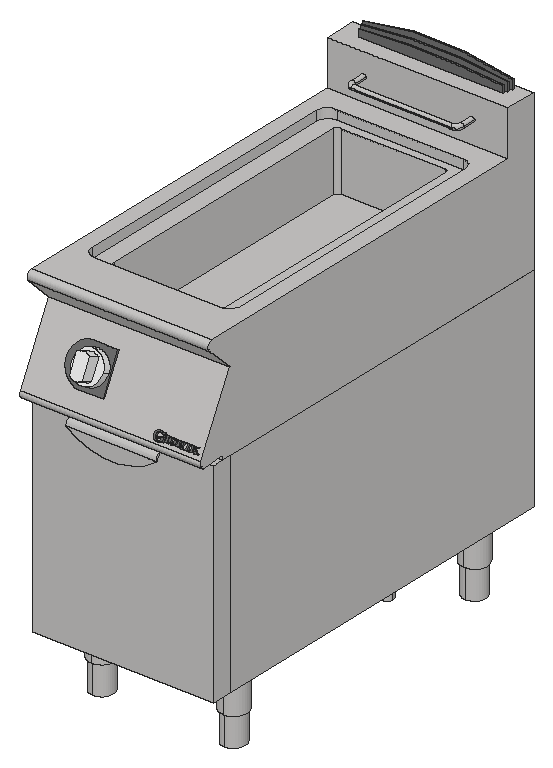
Revit family "QF_GIORIK_FG9117T", category Specialty Equipment, Revit 2014
Parameters (values of type "FG9117T")
  Weight in Pounds = 171.9604
  Watts = 100 W
  Volts = 230 V
  URL Cutsheet = "www.giorik.com"
  URL = "www.giorik.com"
  Status [instance] = ""
  Specification by User [instance] = ""
  Specification by Manufacturer = ""
  Show Logo [instance] = yes
  Show Clearance [instance] = yes
  Serial Number = ""
  Seismic Rating = ""
  SMACNA No = ""
  Revision Code [instance] = ""
  Phase = 1
  Number of Poles [instance] = 1
  NAFEM Spec ID Number = ""
  Model = "FG9117T"
  Min Ckt Ampacity = 0 A
  Mechanical Remarks [instance] = "Natural Gas"
  Mechanical Connection Type [instance] = ""
  Max Overcurrent Protection = 0 A
  Masterspec = ""
  Manufacturer = "GIORIK"
  Item Number [instance] = ""
  Installed By [instance] = ""
  Identify Quantity as Lot [instance] = no
  HP = "0.134102000000"
  Gas Size = 1"
  Gas RI Height [instance] = 0 mm
  Gas KW = 16.5
  Gas Input = 16500 W
  Gas Connection Height [instance] = 150 mm
  Furnished By [instance] = ""
  Foodservice Equipment Identifier [instance] = yes
  FL Amps = 0 A
  Electrical Remarks [instance] = ""
  Electric Connection Type [instance] = ""
  Elec Conn RI Height [instance] = 0 mm
  Elec Conn Connection Height [instance] = 150 mm
  Description = "17 LITRE GAS FRYER."
  Cycle = 50 Hz
  Conn Plug = ""
  Conn Conduit [instance] = no
  CSI MasterFormat = ""
  Assembly Code = "E1090320"
  Apparent Power = 100 VA
Reference planes
  plane 1 "Back": y = 0
  plane 2: z = 0
  plane 3 "Left": x = 0
  plane 4 "Right": x = 400
  plane 5 "Front": y = -920
  plane 6 "Top": z = 900
Forms (mm)
  Extrusion 1, solid, visible <- "Show Logo"
    sketch origin (196.604, -935.76, 608.978) x (-1, 0, 0) y (0, 0.452718, 0.891654)
      loop
        line (-118.824, 58.358) -> (-127.804, 58.358) -> (-125.523, 56.445) -> (-125.523, 48.027) -> (-127.804, 46.113) -> (-118.824, 46.113) -> (-121.105, 48.027) -> (-121.105, 56.445) -> (-118.824, 58.358)
      loop
        line (-163.721, 58.358) -> (-172.7, 58.358) -> (-170.42, 56.445) -> (-170.42, 48.027) -> (-172.7, 46.113) -> (-163.721, 46.113) -> (-166.001, 48.027) -> (-166.001, 56.445) -> (-163.721, 58.358)
      loop
        line (-174.332, 58.358) -> (-183.312, 58.358) -> (-181.031, 56.445) -> (-181.031, 52.435) -> (-186.419, 56.955) -> (-184.416, 58.358) -> (-191.268, 58.358) -> (-188.01, 56.839) -> (-185.455, 54.283) -> (-190.846, 47.858) -> (-193.396, 46.93) -> (-193.396, 46.113) -> (-184.416, 46.113) -> (-185.437, 47.571) -> (-182.443, 51.552) -> (-181.031, 50.894) -> (-181.031, 48.027) -> (-183.312, 46.113) -> (-174.332, 46.113) -> (-176.613, 48.027) -> (-176.613, 56.445) -> (-174.332, 58.358)
      loop
        line (-115.429, 62.063) -> (-115.429, 54.198)
        arc (-115.429, 54.198) -> (-111.618, 57.803) -> (-106.847, 59.986) r 16.039
        arc (-106.847, 59.986) -> (-103.314, 59.837) -> (-100.512, 57.68) r 5.851
        arc (-100.512, 57.68) -> (-98.815, 52.267) -> (-100.512, 46.853) r 9.479
        arc (-100.512, 46.853) -> (-102.406, 44.986) -> (-104.846, 43.93) r 7.236
        arc (-104.846, 43.93) -> (-107.728, 44.111) -> (-110.052, 45.825) r 5.11
        line (-110.052, 45.825) -> (-110.052, 52.001) -> (-116.141, 52.001) -> (-116.141, 45.503) -> (-117.893, 43.751) -> (-114.094, 44.769)
        arc (-114.094, 44.769) -> (-112.56, 44.947) -> (-111.129, 44.366) r 3.115
        arc (-111.129, 44.366) -> (-104.216, 42.091) -> (-97.303, 44.366) r 11.641
        arc (-97.303, 44.366) -> (-93.396, 52.107) -> (-97.303, 59.849) r 9.622
        arc (-97.303, 59.849) -> (-104.369, 62.174) -> (-111.435, 59.849) r 11.898
        line (-111.435, 59.849) -> (-115.429, 62.063)
      loop
        arc (-129.234, 56.068) -> (-135.893, 58.628) -> (-142.552, 56.068) r 9.941
        arc (-142.552, 56.068) -> (-144.234, 52.286) -> (-142.552, 48.505) r 5.093
        arc (-142.552, 48.505) -> (-135.893, 45.945) -> (-129.234, 48.505) r 9.941
        arc (-129.234, 48.505) -> (-127.552, 52.286) -> (-129.234, 56.068) r 5.093
      loop
        arc (-132.628, 54.403) -> (-135.893, 57.668) -> (-139.158, 54.403) r 3.265
        line (-139.158, 54.403) -> (-139.158, 50.169)
        arc (-139.158, 50.169) -> (-135.893, 46.904) -> (-132.628, 50.169) r 3.265
        line (-132.628, 50.169) -> (-132.628, 54.403)
      loop
        arc (-156.363, 58.365) -> (-159.647, 55.081) -> (-156.363, 51.796) r 3.285
        line (-156.363, 51.796) -> (-159.529, 47.306) -> (-162.087, 46.113) -> (-155.847, 46.113) -> (-153.529, 51.083) -> (-150.637, 51.083) -> (-150.637, 47.784) -> (-153.022, 46.113) -> (-144.011, 46.113) -> (-146.094, 47.68) -> (-146.094, 56.493) -> (-144.229, 58.365) -> (-156.363, 58.365)
      loop
        line (-150.637, 57.512) -> (-153.637, 57.512)
        arc (-153.637, 57.512) -> (-156.237, 54.912) -> (-153.637, 52.312) r 2.6
        line (-153.637, 52.312) -> (-150.637, 52.312) -> (-150.637, 57.512)
      loop
        line (-108.924, 52.001) -> (-104.936, 49.005) -> (-100.948, 52.001) -> (-108.924, 52.001)
    from 1.5 to -0.5
  Extrusion 2, solid
    sketch origin (-16, 1025.81, 0) x (1, 0, 0) y (0, 1, 0)
      loop
        line (25, -1086.81) -> (25, -1156.81) -> (115, -1156.81) -> (115, -1086.81) -> (25, -1086.81)
    from 148 to 150
  Extrusion 3, solid
    sketch origin (-14, 0, 130) x (1, 0, 0) y (0, 1, 0)
      loop
        circle (54, -385) r 12.5
    from 0 to 20
  Extrusion 4, solid
    sketch origin (0, 800, -20) x (0, 1, 0) y (0, 0, 1)
      loop
        line (-800, 989.988) -> (-870, 989.988) -> (-870, 889.988) -> (-1688.669, 889.988)
        arc (-1688.669, 889.988) -> (-1699.014, 883.075) -> (-1696.586, 870.873) r 11.197
        line (-1696.586, 870.873) -> (-1640.738, 815.025) -> (-1718.81, 661.258)
        arc (-1718.81, 661.258) -> (-1718.095, 650.105) -> (-1707.98, 645.354) r 10.981
        line (-1707.98, 645.354) -> (-1659.862, 649.925) -> (-1659.862, 640) -> (-800, 640) -> (-800, 989.988)
    from 0 to 400
  Extrusion 5, solid
    sketch origin (0, -200, 599.536) x (1, 0, 0) y (0, 1, 0)
      loop
        line (0, -640) -> (40, -640) -> (40, 160) -> (360, 160) -> (360, -640) -> (400, -640) -> (400, 200) -> (0, 200) -> (0, -640)
    from -449.536 to 20.464
  Extrusion 6, solid
    sketch origin (0, -200, 0) x (1, 0, 0) y (0, 1, 0)
      loop
        line (40, 160) -> (40, -640) -> (360, -640) -> (360, 160) -> (40, 160)
    from 150 to 190
  Extrusion 7, solid
    sketch origin (-16, 360.81, 0) x (1, 0, 0) y (0, 1, 0)
      loop
        line (25, -1086.81) -> (25, -1156.81) -> (115, -1156.81) -> (115, -1086.81) -> (25, -1086.81)
    from 148 to 150
  Revolve 8, solid
    sketch origin (54, 360.81, 0) x (0, 1, 0) y (0, 0, 1)
      loop
        line (-1092.56, 66) -> (-1092.56, 148) -> (-1121.81, 148) -> (-1121.81, 0) -> (-1096.81, 0) -> (-1096.81, 66) -> (-1092.56, 66)
      axis (-1121.81, 0) -> (-1121.81, 148)
    angle from 0 to 360
  Revolve 9, solid
    sketch origin (54, 1025.81, 0) x (0, 1, 0) y (0, 0, 1)
      loop
        line (-1092.56, 66) -> (-1092.56, 148) -> (-1121.81, 148) -> (-1121.81, 0) -> (-1096.81, 0) -> (-1096.81, 66) -> (-1092.56, 66)
      axis (-1121.81, 0) -> (-1121.81, 148)
    angle from 0 to 360
  Extrusion 10, solid
    sketch origin (416, 360.81, 0) x (-1, 0, 0) y (0, -1, 0)
      loop
        line (25, 1086.81) -> (115, 1086.81) -> (115, 1156.81) -> (25, 1156.81) -> (25, 1086.81)
    from 148 to 150
  Revolve 11, solid
    sketch origin (346, 360.81, 0) x (0, 1, 0) y (0, 0, -1)
      loop
        line (-1092.56, -66) -> (-1096.81, -66) -> (-1096.81, 0) -> (-1121.81, 0) -> (-1121.81, -148) -> (-1092.56, -148) -> (-1092.56, -66)
      axis (-1121.81, 0) -> (-1121.81, -148)
    angle from 0 to 360
  Extrusion 12, solid
    sketch origin (416, -1217.81, 0) x (-1, 0, 0) y (0, -1, 0)
      loop
        line (25, -1086.81) -> (25, -1156.81) -> (115, -1156.81) -> (115, -1086.81) -> (25, -1086.81)
    from 148 to 150
  Revolve 13, solid
    sketch origin (346, -1217.81, 0) x (0, -1, 0) y (0, 0, 1)
      loop
        line (-1092.56, 66) -> (-1092.56, 148) -> (-1121.81, 148) -> (-1121.81, 0) -> (-1096.81, 0) -> (-1096.81, 66) -> (-1092.56, 66)
      axis (-1121.81, 0) -> (-1121.81, 148)
    angle from 0 to 360
  Extrusion 14, solid
    sketch origin (-293.221, -1163.345, 52.363) x (1, 0, 0) y (0, 0.452718, 0.891654)
      loop
        line (463.221, 676.25) -> (463.221, 766.25) -> (409.698, 766.25)
        arc (409.698, 766.25) -> (364.698, 721.25) -> (409.698, 676.25) r 45
        line (409.698, 676.25) -> (463.221, 676.25)
    from 48 to 50
  Extrusion 15, solid
    sketch origin (481.331, -1208.697, 74.959) x (-1, 0, 0) y (0, -0.45351, -0.891251)
      loop
        circle (351.331, -721.346) r 35
    from 0 to 15
  Extrusion 16, solid
    sketch origin (481.331, -1208.697, 74.959) x (-1, 0, 0) y (0, -0.45351, -0.891251)
      loop
        arc (336.331, -743.846) -> (351.331, -748.846) -> (366.331, -743.846) r 25
        line (366.331, -743.846) -> (366.331, -698.846)
        arc (366.331, -698.846) -> (351.331, -693.846) -> (336.331, -698.846) r 25
        line (336.331, -698.846) -> (336.331, -743.846)
    from 15 to 40
  Extrusion 17, solid
    sketch origin (-94, 0, 59.999) x (1, 0, 0) y (0, 0, 1)
      loop
        line (135, 909.989) -> (453, 909.989) -> (453, 925.527) -> (347.056, 931.749) -> (240.944, 931.749) -> (135, 925.527) -> (135, 909.989)
    from 32 to 35
  Extrusion 18, solid
    sketch origin (-92, 10, 59.999) x (1, 0, 0) y (0, 0, 1)
      loop
        line (454, 909.989) -> (454, 928.527) -> (346.162, 939.193) -> (237.838, 939.193) -> (130, 928.527) -> (130, 909.989) -> (454, 909.989)
    from 32 to 35
  Extrusion 19, solid
    sketch origin (-90, 20, 59.999) x (1, 0, 0) y (0, 0, 1)
      loop
        line (455, 909.989) -> (455, 930.527) -> (345.396, 947.413) -> (234.604, 947.413) -> (125, 930.527) -> (125, 909.989) -> (455, 909.989)
    from 32 to 35
  Extrusion 20, void
    sketch origin (0, -200, 819.988) x (0, 1, 0) y (-1, 0, 0)
      loop
        arc (80, -60) -> (72.678, -42.322) -> (55, -35) r 25
        line (55, -35) -> (-565.002, -35)
        arc (-565.002, -35) -> (-582.68, -42.322) -> (-590.002, -60) r 25
        line (-590.002, -60) -> (-590.002, -340)
        arc (-590.002, -340) -> (-582.68, -357.678) -> (-565.002, -365) r 25
        line (-565.002, -365) -> (55, -365)
        arc (55, -365) -> (72.678, -357.678) -> (80, -340) r 25
        line (80, -340) -> (80, -60)
    from -100 to 50
  Extrusion 21, solid
    sketch origin (0, -200, 900) x (0, 1, 0) y (-1, 0, 0)
      loop
        arc (80, -60) -> (72.678, -42.322) -> (55, -35) r 25
        line (55, -35) -> (-565.002, -35)
        arc (-565.002, -35) -> (-582.68, -42.322) -> (-590.002, -60) r 25
        line (-590.002, -60) -> (-590.002, -340)
        arc (-590.002, -340) -> (-582.68, -357.678) -> (-565.002, -365) r 25
        line (-565.002, -365) -> (55, -365)
        arc (55, -365) -> (72.678, -357.678) -> (80, -340) r 25
        line (80, -340) -> (80, -60)
      loop
        arc (60, -85.011) -> (57.071, -77.94) -> (50, -75.011) r 10
        line (50, -75.011) -> (-555.002, -75.011)
        arc (-555.002, -75.011) -> (-562.073, -77.94) -> (-565.002, -85.011) r 10
        line (-565.002, -85.011) -> (-565.002, -315)
        arc (-565.002, -315) -> (-562.073, -322.071) -> (-555.002, -325) r 10
        line (-555.002, -325) -> (50, -325)
        arc (50, -325) -> (57.071, -322.071) -> (60, -315) r 10
        line (60, -315) -> (60, -85.011)
    from -180.012 to -50
  Extrusion 22, solid
    sketch origin (0, -925, 0) x (1, 0, 0) y (0, 0, 1)
      loop
        line (0, 620) -> (0, 150) -> (400, 150) -> (400, 620) -> (0, 620)
    from -85 to -40
  Extrusion 23, solid
    sketch origin (0, -925, -20.1) x (0, 1, 0) y (0, 0, 1)
      loop
        arc (25, 640.1) -> (14.393, 635.707) -> (10, 625.1) r 15
        line (10, 625.1) -> (12, 625.1)
        arc (12, 625.1) -> (15.808, 634.292) -> (25, 638.1) r 13
        line (25, 638.1) -> (40, 638.1) -> (40, 640.1) -> (25, 640.1)
    from 97.5 to 297.5
  Extrusion 24, solid
    sketch origin (0, -924.905, -20.1) x (1, 0, 0) y (0, 0, 1)
      loop
        arc (97.5, 625.1) -> (197.5, 590.089) -> (297.5, 625.1) r 160.316
        line (297.5, 625.1) -> (97.5, 625.1)
    from -11.905 to -9.905
  Extrusion 25, solid, visible <- "Show Clearance", detail levels coarse
    sketch origin (395, -925, 0) x (-1, 0, 0) y (0, -1, 0)
      loop
        line (-5, -40) -> (395, -40)
        arc (395, -40) -> (277.534, 241.069) -> (-5, 354.968) r 395
        line (-5, 354.968) -> (-5, -40)
    from 150 to 620
  Extrusion 26, solid
    sketch origin (0, 0, 100) x (0, 1, 0) y (-1, 0, 0)
      loop
        circle (-380, -380) r 12.5
    from 30 to 50
  Sweep 27, solid
    path origin (0, 0, 919.988) x (0, 1, 0) y (-1, 0, 0)
      loop
        line (-70, -80) -> (-100, -80)
        arc (-100, -80) -> (-107.071, -82.929) -> (-110, -90) r 10
        line (-110, -90) -> (-110, -310)
        arc (-110, -310) -> (-107.071, -317.071) -> (-100, -320) r 10
        line (-100, -320) -> (-70, -320)
    profile origin (80, -85, 919.988) x (1, 0, 0) y (0, 0, 1)
      loop
        circle (0, 0) r 5
Cuts and joins
  Extrusion 20 cuts Extrusion 4
Lines and regions (mm)
  symbolic lines, style "200-EquipBorder-2D"
    curve 1: line (0, -920, 0) -> (400, -920, 0)
    curve 2: line (400, -920, 0) -> (400, 0, 0)
    curve 3: line (400, 0, 0) -> (0, 0, 0)
    curve 4: line (0, 0, 0) -> (0, -920, 0)
    curve 46: line (115, -927.413, 900) -> (115, -920, 900)
    curve 47: line (145, -927.413, 900) -> (145, -920, 900)
    curve 48: arc (115, -927.413, 900) -> (130, -929.714, 900) -> (145, -927.413, 900) r 50.041
  symbolic lines, style "200-EquipInternal-2D"
    curve 5: line (35, -12, 900) -> (365, -12, 900)
    curve 6: line (365, -12, 900) -> (365, -15, 900)
    curve 7: line (365, -15, 900) -> (35, -15, 900)
    curve 8: line (35, -15, 900) -> (35, -12, 900)
    curve 9: line (38, -22, 900) -> (362, -22, 900)
    curve 10: line (362, -22, 900) -> (362, -25, 900)
    curve 11: line (362, -25, 900) -> (38, -25, 900)
    curve 12: line (38, -25, 900) -> (38, -22, 900)
    curve 13: line (41, -32, 900) -> (359, -32, 900)
    curve 14: line (359, -32, 900) -> (359, -35, 900)
    curve 15: line (359, -35, 900) -> (41, -35, 900)
    curve 16: line (41, -35, 900) -> (41, -32, 900)
    curve 17: line (340, -120, 900) -> (60, -120, 900)
    curve 18: arc (60, -120, 900) -> (42.322, -127.322, 900) -> (35, -145, 900) r 25
    curve 19: line (35, -145, 900) -> (35, -765, 900)
    curve 20: arc (365, -145, 900) -> (357.678, -127.322, 900) -> (340, -120, 900) r 25
    curve 21: arc (340, -790, 900) -> (356.212, -784.031, 900) -> (364.682, -768.975, 900) r 25
    curve 22: line (60, -790, 900) -> (340, -790, 900)
    curve 23: arc (35, -765, 900) -> (42.322, -782.678, 900) -> (60, -790, 900) r 25
    curve 24: line (365, -765.002, 900) -> (365, -145, 900)
    curve 27: line (85, -140, 900) -> (315, -140, 900)
    curve 28: line (325, -150, 900) -> (325, -755.002, 900)
    curve 29: line (75, -755.002, 900) -> (75, -150, 900)
    curve 30: line (315, -765.002, 900) -> (85, -765.002, 900)
    curve 31: arc (85, -140, 900) -> (77.929, -142.929, 900) -> (75, -150, 900) r 10
    curve 32: arc (315, -140, 900) -> (322.071, -142.929, 900) -> (325, -150, 900) r 10
    curve 33: arc (75, -755.002, 900) -> (77.929, -762.073, 900) -> (85, -765.002, 900) r 10
    curve 34: arc (315, -765.002, 900) -> (322.071, -762.073, 900) -> (325, -755.002, 900) r 10
    curve 35: line (80, -70, 900) -> (80, -99.667, 900)
    curve 36: line (90, -100, 900) -> (90, -70, 900)
    curve 37: line (94.989, -104.989, 900) -> (315.27, -104.989, 900)
    curve 38: line (320.032, -100.227, 900) -> (320.032, -70, 900)
    curve 39: line (330.032, -70, 900) -> (330.032, -100.301, 900)
    curve 40: line (315.333, -115, 900) -> (95.333, -115, 900)
    curve 41: arc (95.333, -115, 900) -> (84.491, -110.509, 900) -> (80, -99.667, 900) r 15.333
    curve 42: arc (90, -100, 900) -> (91.461, -103.528, 900) -> (94.989, -104.989, 900) r 4.989
    curve 43: arc (315.333, -115, 900) -> (325.727, -110.695, 900) -> (330.032, -100.301, 900) r 14.699
    curve 44: arc (320.032, -100.227, 900) -> (318.637, -103.594, 900) -> (315.27, -104.989, 900) r 4.762
    curve 45: line (0, -70, 900) -> (400, -70, 900)
  symbolic lines, style "QF_Door-Drawer Clearances", visible <- "Show Clearance", detail levels coarse
    curve 25: arc (400, -1279.968, 0) -> (130.204, -1178.101, 0) -> (1.554, -920, 0) r 395
    curve 26: line (400, -920, 0) -> (400, -1279.968, 0)
Dimensions and locks
  plane 3 "Left" to plane 4 "Right" = 400 mm
  plane 5 "Front" to plane 1 "Back" = 920 mm
  plane 4 "Right" to plane 3 "Left" = 400 mm
  plane 1 "Back" to plane 5 "Front" = 920 mm
  plane 6 "Top" to level = 900 mm  (x2)
  aligned and locked: level to plane 2
Connectors
  electrical at (380, -380, 130), driven by "Apparent Power", driven by "Volts", driven by "Number of Poles"
    settings: on Extrusion 26, index 1, voltage 230 V, apparent load 0 VA, apparent load phase1 100 VA, apparent load phase2 0 VA, apparent load phase3 0 VA, power factor 1, load classification "Other", number of poles 1, system type 31, power factor state 1, is connector primary yes, connector utility no, sub classification motor no, connector description "Electrical connection"
  piping at (40, -385, 130), diameter 25.4, driven by "Gas Size"
    settings: on Extrusion 3, index 2, connector inside diameter 24", connector length 0 mm, flow factor 0, pipe flow 0.0 L/s, pressure drop 0.0 Pa, fitting loss kfactor 0, connector angle 0.00°, fixture units 0, engagement length 0 mm, angle of deflection 0.00°, flow configuration 1, flow direction 1, fitting loss method 0, system type 22, joint type 0, gender type 0, connector reference index -1, connector utility 0, adjustable connector no, is connector primary yes, connector description "Gas inlet"
